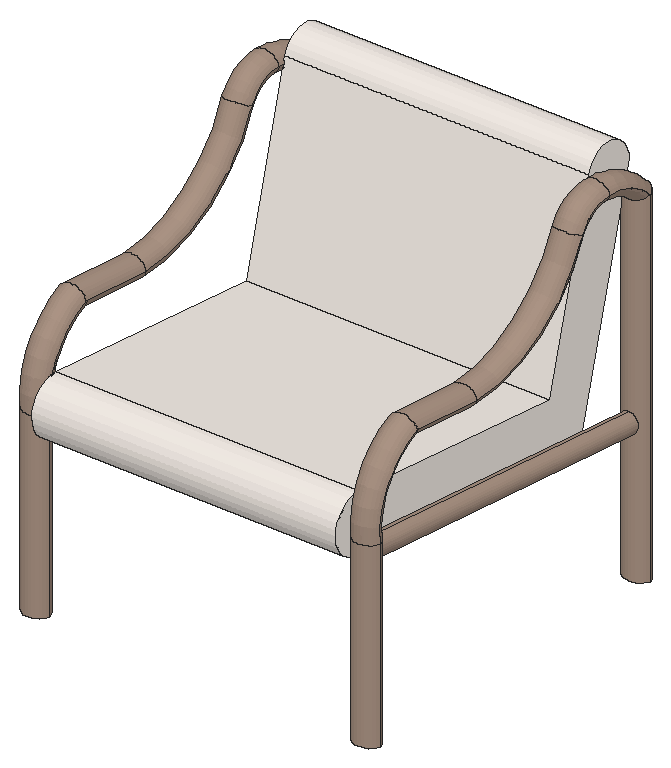
Revit family
Parameters (values of type "600 x 627 mm")
  Sofa Material = Sofa Material
  Sofa Length = 600 mm
  Sofa Leg Material = Teakwood
Reference planes
  plane 1 "Center (Front/Back)": y = 0
  plane 2: z = 0
  plane 3 "Center (Left/Right)": x = 0.902
  plane 4: x = -299.098
  plane 5: x = 300.902
Forms (mm)
  Sweep 1, solid, material "Sofa Material" <- "Sofa Material"
    path origin (0, -1263.577, 0) x (1, 0, 0) y (0, 1, 0)
      loop
        line (-299.098, 147.362) -> (300.902, 147.362)
    profile origin (0.902, 0, 0) x (0, 1, 0) y (0, 0, 1)
      loop
        arc (346.864, 712.239) -> (311.422, 773.154) -> (250.271, 738.121) r 50.001
        line (250.271, 738.121) -> (154.482, 380.631) -> (-316.874, 426.658)
        arc (-316.874, 426.658) -> (-375.846, 376.612) -> (-326.46, 317.086) r 54.999
        line (-326.46, 317.086) -> (226.513, 263.084) -> (346.864, 712.239)
  Sweep 2, solid, material "Teakwood" <- "Sofa Leg Material"
    path origin (-299.098, -1270, 0) x (0, 1, 0) y (0, 0, 1)
      loop
        line (1603.439, 0.01) -> (1603.439, 684.25)
        arc (1603.439, 684.25) -> (1557.725, 715.23) -> (1503.588, 726.122) r 139.992
        arc (1503.588, 726.122) -> (1464.463, 715.448) -> (1436.834, 685.761) r 74.024
        arc (1436.834, 685.761) -> (1333.992, 555.958) -> (1175.652, 507.441) r 278.643
        line (1175.652, 507.441) -> (1029.083, 520.056)
        arc (1029.083, 520.056) -> (957.281, 454.992) -> (938.167, 360) r 154.946
        line (938.167, 360) -> (938.167, 0)
    profile origin (0, 0, 342.13) x (0, -1, 0) y (1, 0, 0)
      loop
        arc (-332.875, -299.098) -> (-354.439, -326.932) -> (-332.875, -354.766) r 28.746
        arc (-332.875, -354.766) -> (-311.311, -326.932) -> (-332.875, -299.098) r 28.746
  Sweep 3, solid, material "Teakwood" <- "Sofa Leg Material"
    path origin (-299.098, 0, 0) x (0, 1, 0) y (0, 0, 1)
      loop
        line (-312.406, 360.132) -> (313.691, 302.05)
    profile origin (0, -29.815, 2.766) x (0, 0.092371, 0.995725) y (1, 0, 0)
      loop
        circle (329.735, -327.189) r 20
  Sweep 4, solid, material "Teakwood" <- "Sofa Leg Material"
    path origin (300.902, 0, 0) x (0, 1, 0) y (0, 0, 1)
      loop
        line (-331.269, 0) -> (-331.269, 360.034)
        arc (-331.269, 360.034) -> (-312.273, 454.636) -> (-240.821, 519.482) r 154.382
        line (-240.821, 519.482) -> (-94.374, 506.877)
        arc (-94.374, 506.877) -> (64.288, 555.477) -> (167.35, 685.53) r 279.207
        arc (167.35, 685.53) -> (194.769, 714.973) -> (233.584, 725.558) r 73.46
        arc (233.584, 725.558) -> (287.399, 714.755) -> (332.875, 684.019) r 139.429
        line (332.875, 684.019) -> (332.875, 0.01)
    profile origin (0, 0, 180.017) x (0, -1, 0) y (1, 0, 0)
      loop
        arc (333.194, 355.902) -> (313.518, 327.251) -> (333.194, 298.601) r 30.697
        arc (333.194, 298.601) -> (352.869, 327.251) -> (333.194, 355.902) r 30.697
  Sweep 5, solid, material "Teakwood" <- "Sofa Leg Material"
    path origin (300.902, 0, 0) x (0, 1, 0) y (0, 0, 1)
      loop
        line (313.691, 302.05) -> (-319.303, 360.772)
    profile origin (0, -33.264, 3.086) x (0, -0.092371, -0.995725) y (1, 0, 0)
      loop
        circle (-307.972, 328.402) r 20
Lines and regions (mm)
  symbolic lines
    curve 1: line (-354.766, 344.522, 0) -> (-354.766, -331.269, 0)
    curve 2: line (300.902, 346.864, 0) -> (-299.098, 346.864, 0)
    curve 3: line (355.902, -333.194, 0) -> (355.902, 346.864, 0)
    curve 4: arc (-354.766, 344.522, 0) -> (-325.448, 366.121, 0) -> (-296.13, 344.522, 0) r 30.697
    curve 5: arc (300.902, 346.864, 0) -> (328.402, 364.316, 0) -> (355.902, 346.864, 0) r 30.393
    curve 6: line (-296.13, 344.522, 0) -> (-296.13, -377.125, 0)
    curve 7: arc (-354.766, -331.269, 0) -> (-325.448, -352.869, 0) -> (-296.13, -331.269, 0) r 30.697
    curve 8: line (297.933, 344.522, 0) -> (297.933, -377.125, 0)
    curve 9: arc (355.902, -333.194, 0) -> (326.233, -352.852, 0) -> (297.933, -331.269, 0) r 30.697
    curve 10: line (-296.13, -377.125, 0) -> (297.933, -377.125, 0)
Dimensions and locks
  "Sofa Length": plane 4 to plane 5
  equal spacing: plane 4, plane 3 "Center (Left/Right)", plane 5
  Sweep 1 to curve 10 = 627.396 mm
  aligned and locked: curve 2 to Sweep 1
  aligned and locked: curve 1 to curve 7
  aligned and locked: Sweep 4 sketch curve to Sweep 2  (x7)
  aligned and locked: Sweep 4 sketch curve to curve 9
  aligned and locked: Sweep 3 to Sweep 5 sketch curve
  aligned and locked: Sweep 4 to Sweep 5 sketch curve
Automatic sketch dimensions
  Sweep 1 sketch curve to plane 4 = 0 mm
  Sweep 1 sketch curve to plane 5 = 0 mm
  plane 1 "Center (Front/Back)" to Sweep 1 sketch curve = 1116.216 mm
  profile plane to Sweep 2 sketch curve = 6.618 mm
  Sweep 2 sketch curve to profile plane = 0.564 mm  (x2)
  Sweep 2 sketch curve to profile plane = 7.746 mm
  Sweep 2 sketch curve to plane 4 = 55.668 mm
  Sweep 2 sketch curve to Sweep 2 sketch curve = 27.834 mm
  curve 2 to plane 4 = 0 mm
  curve 10 to plane 5 = 2.968 mm
  curve 5 to plane 5 = 0 mm
  curve 7 to plane 4 = 26.35 mm
  curve 4 to plane 4 = 26.35 mm
  plane 4 to curve 6 = 2.968 mm
  plane 5 to curve 9 = 26.35 mm
  curve 5 to curve 5 = 27.5 mm
  curve 6 to curve 2 = 2.342 mm
  curve 8 to curve 5 = 2.342 mm
  curve 4 to curve 2 = 11.44 mm
  curve 5 to curve 5 = 12.941 mm
  curve 7 to curve 7 = 9.098 mm
  curve 9 to curve 9 = 9.098 mm
  curve 8 to curve 9 = 45.856 mm
  curve 10 to curve 7 = 45.856 mm
  curve 5 to curve 3 = 27.5 mm
  curve 4 to curve 4 = 29.318 mm
  level to Sweep 1 sketch curve = 317.086 mm
  Sweep 1 sketch curve to profile plane = 789.756 mm
  Sweep 1 sketch curve to Sweep 1 sketch curve = 5.403 mm
  level to Sweep 1 sketch curve = 426.658 mm
  Sweep 1 sketch curve to Sweep 1 sketch curve = 4.183 mm
  level to Sweep 1 sketch curve = 380.631 mm
  Sweep 1 sketch curve to Sweep 1 sketch curve = 471.355 mm
  level to Sweep 1 sketch curve = 263.084 mm
  Sweep 1 sketch curve to Sweep 1 sketch curve = 72.031 mm
  Sweep 1 sketch curve to Sweep 1 sketch curve = 95.789 mm
  Sweep 1 sketch curve to Sweep 1 sketch curve = 48.209 mm
  Sweep 1 sketch curve to Sweep 1 sketch curve = 48.383 mm
  Sweep 1 sketch curve to Sweep 1 sketch curve = 331.608 mm
  Sweep 1 sketch curve to Sweep 1 sketch curve = 12.617 mm
  Sweep 3 sketch curve to profile plane = 0 mm
  Sweep 3 sketch curve to plane 4 = 28.091 mm
  Sweep 2 sketch curve to level = 0 mm
  plane 1 "Center (Front/Back)" to Sweep 2 sketch curve = 331.833 mm
  Sweep 2 sketch curve to Sweep 2 sketch curve = 90.916 mm
  Sweep 2 sketch curve to Sweep 2 sketch curve = 153.842 mm
  plane 1 "Center (Front/Back)" to Sweep 2 sketch curve = 94.348 mm
  plane 1 "Center (Front/Back)" to Sweep 2 sketch curve = 93.123 mm
  Sweep 2 sketch curve to plane 1 "Center (Front/Back)" = 166.834 mm
  Sweep 2 sketch curve to Sweep 2 sketch curve = 65.929 mm
  Sweep 2 sketch curve to Sweep 2 sketch curve = 0.824 mm
  Sweep 2 sketch curve to Sweep 2 sketch curve = 100.675 mm
  level to Sweep 2 sketch curve = 0.01 mm
  level to Sweep 2 sketch curve = 360 mm
  Sweep 2 sketch curve to Sweep 2 sketch curve = 18.464 mm
  Sweep 2 sketch curve to Sweep 2 sketch curve = 12.615 mm
  Sweep 2 sketch curve to Sweep 2 sketch curve = 78.688 mm
  Sweep 2 sketch curve to Sweep 2 sketch curve = 65.973 mm
  Sweep 2 sketch curve to Sweep 2 sketch curve = 32.147 mm
  plane 1 "Center (Front/Back)" to Sweep 3 sketch curve = 312.406 mm
  Sweep 3 sketch curve to plane 1 "Center (Front/Back)" = 313.691 mm
  level to Sweep 3 sketch curve = 302.05 mm
  level to Sweep 3 sketch curve = 360.132 mm
  Sweep 4 sketch curve to level = 0 mm
  level to Sweep 4 sketch curve = 0.01 mm
  Sweep 4 sketch curve to plane 5 = 2.3 mm
  Sweep 4 sketch curve to Sweep 4 sketch curve = 11.022 mm
  Sweep 4 sketch curve to profile plane = 12.947 mm
  plane 1 "Center (Front/Back)" to Sweep 5 sketch curve = 319.303 mm
  level to Sweep 5 sketch curve = 302.05 mm
  Sweep 5 sketch curve to profile plane = 21.763 mm
  plane 5 to Sweep 5 sketch curve = 27.5 mm
  radius of Sweep 3 sketch curve = 20 mm
  radius of Sweep 5 sketch curve = 20 mm
